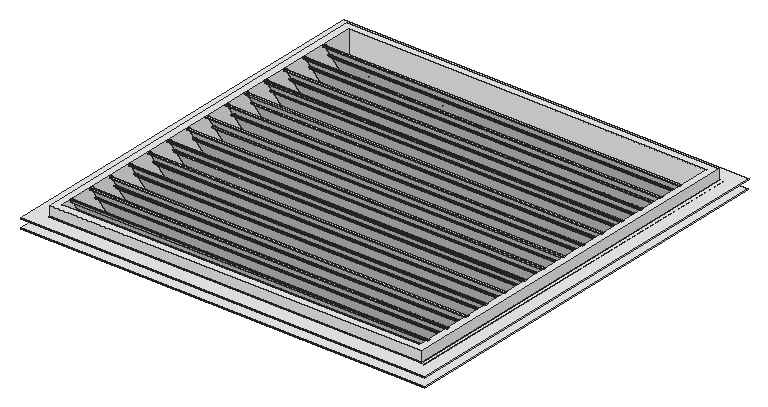
Revit family "NLRS_00_AIR_Muurrooster_ST-483_Storax", category Air Terminals, host Face, Revit 2023 (continued)
Definition of nested family "water channel - SH_renson"
  Forms (mm)
    Sweep 2, solid, material <- "REN_V Material_01"
      profile "PRF_profile - water channel_renson : standard" origin (0, -500, 0) x (0, 1, 0) y (0, 0, 1)
        loop
          line (48.3, -0.2) -> (48.3, 5) -> (24.959, 5) -> (22.254, 12.331)
          arc (22.254, 12.331) -> (20.422, 14.702) -> (17.563, 15.6) r 5
          line (17.563, 15.6) -> (9.25, 15.6)
          arc (9.25, 15.6) -> (8.5, 14.85) -> (9.25, 14.1) r 0.75
          line (9.25, 14.1) -> (17.563, 14.1)
          arc (17.563, 14.1) -> (19.564, 13.471) -> (20.847, 11.812) r 3.5
          line (20.847, 11.812) -> (23.36, 5)
  Dimensions and locks
    equal spacing: plane 5, plane 3 "Center (Left/Right)", plane 6
    "ZZZ_Width_Length": plane 5 to plane 6
    equal spacing: plane 7, plane 1 "Center (Front/Back)", plane 8
    "ZZZ_Height_Length": plane 8 to plane 7
    "RSen_C_depth": plane 4 "top" to level
    plane 9 to plane 7 = 48.5 mm
    plane 9 to plane 10 = 33 mm
    aligned and locked: plane 2 to Extrusion 1
    aligned and locked: level to Extrusion 1
    aligned and locked: plane 6 to Sweep 2 sketch curve
    aligned and locked: plane 5 to Sweep 2 sketch curve
    aligned and locked: plane 8 to Sweep 2 sketch curve
  Automatic sketch dimensions
    Extrusion 1 sketch curve to Extrusion 1 sketch curve = 2438.4 mm  (x2)
Definition of nested family "NLRS_00_GM_Gaas_Storax"
  Parameters (values of type "Leeg")
    Width [instance] = 1011.1 mm
    Offset_Gaas_Top_Sides [instance] = 5.5 mm
    Offset_Gaas_Bottom [instance] = 5.5 mm
    Muis/vogelwerend (6x6mm) = no
    Muis/vogelwerend (10x10mm) = no
    Insectengaas (2,3x2,3mm) = no
    Height [instance] = 1011.1 mm
    Type Comments = ""
    Default Elevation = 1219.2 mm
  Types (4, lengths in mm): name | Width | Offset_Gaas_Top_Sides | Muis/vogelwerend (6x6mm) | Muis/vogelwerend (10x10mm) | Insectengaas (2,3x2,3mm) | Height
    Insectengaas 2.3x2.3mm | 1011.1 | 5.5 | no | no | yes | 1011.1
    Muis/Vogelwerend 10x10mm | 1600 | 5.5 | no | yes | no | 1600
    Muis/vogelwerend 6x6mm | 1800 | 10 | yes | no | no | 1800
    Leeg | 1011.1 | 5.5 | no | no | no | 1011.1
  Reference planes
    plane 1 "Center (Front/Back)": y = 0
    plane 2 "Bottom": z = 0
    plane 3 "Left": x = 0
    plane 4 "Right": x = 1011.1
    plane 5: x = 505.55
    plane 6: z = 23.971
    plane 7: z = 23.971
    plane 8: z = 23.971
    plane 9: x = 5.5
    plane 10: x = 1005.6
    plane 11: z = 1011.1
    plane 12: z = 1005.6
    plane 13: z = 5.5
    plane 14: z = 505.55
  Forms (mm)
    Extrusion 1, solid, visible <- "Insectengaas (2,3x2,3mm)"
      sketch origin (0, 0, 0) x (1, 0, 0) y (0, 1, 0)
        loop
          line (5.5, -28.5) -> (5.5, -29.3) -> (1005.6, -29.3) -> (1005.6, -28.5) -> (5.5, -28.5)
      from 5.5 to 1005.6
    Extrusion 2, solid, visible <- "Muis/vogelwerend (10x10mm)"
      sketch origin (0, 0, 0) x (1, 0, 0) y (0, 1, 0)
        loop
          line (5.5, -28.5) -> (5.5, -29.3) -> (1005.6, -29.3) -> (1005.6, -28.5) -> (5.5, -28.5)
      from 5.5 to 1005.6
    Extrusion 3, solid, visible <- "Muis/vogelwerend (6x6mm)"
      sketch origin (0, 0, 0) x (1, 0, 0) y (0, 1, 0)
        loop
          line (5.5, -28.5) -> (5.5, -29.3) -> (1005.6, -29.3) -> (1005.6, -28.5) -> (5.5, -28.5)
      from 5.5 to 1005.6
  Dimensions and locks
    "Width": plane 4 "Right" to plane 3 "Left"
    equal spacing: plane 3 "Left", plane 5, plane 4 "Right"
    plane 4 "Right" to plane 3 "Left" = 1011.1 mm
    plane 3 "Left" to plane 9 = 5.5 mm
    plane 10 to plane 4 "Right" = 5.5 mm
    "Offset_Gaas_Top_Sides": plane 10 to plane 4 "Right"
    "Offset_Gaas_Top_Sides": plane 9 to plane 3 "Left"
    "Offset_Gaas_Top_Sides": plane 12 to plane 11
    "Offset_Gaas_Bottom": plane 13 to level
    plane 3 "Left" to plane 4 "Right" = 1011.1 mm
    "Height": plane 11 to level
    equal spacing: plane 11, plane 14, level
    aligned and locked: plane 10 to Extrusion 1 sketch curve
    aligned and locked: Extrusion 1 to plane 9
    aligned and locked: Extrusion 1 to plane 10
    aligned and locked: Extrusion 3 to plane 12
    aligned and locked: Extrusion 1 to plane 12
    aligned and locked: Extrusion 2 to plane 12
    aligned and locked: Extrusion 3 to plane 13
    aligned and locked: Extrusion 2 to plane 13
    aligned and locked: Extrusion 1 to plane 13
  Automatic sketch dimensions
    plane 1 "Center (Front/Back)" to Extrusion 1 sketch curve = 29.3 mm
    Extrusion 1 sketch curve to Extrusion 1 sketch curve = 0.8 mm
    plane 9 to Extrusion 1 sketch curve = 0 mm
    Extrusion 2 sketch curve to plane 9 = 0 mm
    Extrusion 2 sketch curve to plane 10 = 0 mm
    plane 1 "Center (Front/Back)" to Extrusion 2 sketch curve = 29.3 mm
    Extrusion 2 sketch curve to Extrusion 2 sketch curve = 0.8 mm
    Extrusion 3 sketch curve to plane 9 = 0 mm
    Extrusion 3 sketch curve to plane 10 = 0 mm
    plane 1 "Center (Front/Back)" to Extrusion 3 sketch curve = 29.3 mm
    Extrusion 3 sketch curve to Extrusion 3 sketch curve = 0.8 mm
  Nested families
    nested 1: "NLRS_00_GM_P-02015" at (600, -23.5, -9.315), type "Type 1", not visible
      with Width 1788.9 mm, Length 500 mm
    nested 2: "NLRS_00_GM_P-02016" at (600, -23.5, -9.315), type "Type 1", not visible
      with Width 1788.9 mm, Length 500 mm
    nested 3: "NLRS_00_GM_P-02016" at (900, -23.5, -9.315), type "Type 1", not visible
      with Width 1800 mm, Length 500 mm
  Definition of nested family "NLRS_00_GM_P-02015"
    Parameters (values of type "Type 1")
      Width [instance] = 900 mm
      Material and Finish = none
      Length [instance] = 500 mm
      Default Elevation = 0 mm
      Connector width = 232.51 mm
    Reference planes
      plane 1 "Center (Front/Back)": y = 0
      plane 2: z = 0
      plane 3 "Center (Left/Right)": x = 0
      plane 4: x = -450
      plane 5: x = 450
    Forms (mm)
      Sweep 1, solid
        path origin (0, 0, 0) x (1, 0, 0) y (0, 1, 0)
          loop
            line (450, 0) -> (-450, 0)
        profile "NLRS_00_PRF_P-02015 : NLRS_00_PRF_P-02015" origin (0, 0, 0) x (0, -1, 0) y (0, 0, 1)
          loop
            arc (-1.872, 30.263) -> (-1.366, 32.09) -> (-1.057, 33.961) r 17.9
            arc (-1.057, 33.961) -> (-0.275, 34.336) -> (0, 35.159) r 1.112
            line (0, 35.159) -> (0, 36.005)
            arc (0, 36.005) -> (-0.329, 36.747) -> (-1.1, 37) r 1
            line (-1.1, 37) -> (-1.1, 35.127) -> (-2.067, 35.127)
            arc (-2.067, 35.127) -> (-2.521, 31.978) -> (-3.561, 28.971) r 16.8
            arc (-3.561, 28.971) -> (-3.358, 28.683) -> (-3.087, 28.909) r 0.24
            arc (-3.087, 28.909) -> (-1.802, 29.095) -> (-1.1, 28.003) r 1.2
            line (-1.1, 28.003) -> (-1.1, 26.263)
            arc (-1.1, 26.263) -> (-1.22, 25.788) -> (-1.551, 25.427) r 1
            line (-1.551, 25.427) -> (-19.949, 13.333)
            arc (-19.949, 13.333) -> (-20.28, 12.972) -> (-20.4, 12.497) r 1
            line (-20.4, 12.497) -> (-20.4, 7.145) -> (-19.15, 7.145) -> (-19.15, 12.584) -> (-16.751, 13.947) -> (-16.751, 11.321)
            arc (-16.751, 11.321) -> (-15.216, 12.545) -> (-14.767, 14.456) r 3
            arc (-14.767, 14.456) -> (-14.629, 15.253) -> (-14.098, 15.862) r 1.5
            line (-14.098, 15.862) -> (-0.946, 24.508)
            arc (-0.946, 24.508) -> (-0.252, 25.266) -> (0, 26.263) r 2.1
            line (0, 26.263) -> (0, 28.003)
            arc (0, 28.003) -> (-0.529, 29.47) -> (-1.872, 30.263) r 2.3
    Dimensions and locks
      equal spacing: plane 5, plane 3 "Center (Left/Right)", plane 4
      "Width": plane 5 to plane 4
      aligned and locked: level to plane 2
      aligned and locked: plane 4 to Sweep 1 sketch curve
      aligned and locked: plane 5 to Sweep 1 sketch curve
    Automatic sketch dimensions
      plane 1 "Center (Front/Back)" to Sweep 1 sketch curve = 0 mm
  Definition of nested family "NLRS_00_GM_P-02016"
    Parameters (values of type "Type 1")
      Width [instance] = 900 mm
      Material and Finish = none
      Length [instance] = 500 mm
      Default Elevation = 0 mm
      Connector width = 232.51 mm
    Reference planes
      plane 1 "Center (Front/Back)": y = 0
      plane 2: z = 0
      plane 3 "Center (Left/Right)": x = 0
      plane 4: x = -450
      plane 5: x = 450
    Forms (mm)
      Sweep 1, solid
        path origin (0, 0, 0) x (1, 0, 0) y (0, 1, 0)
          loop
            line (450, 0) -> (-450, 0)
        profile "NLRS_00_PRF_P-02016 : NLRS_00_PRF_P-02016" origin (0, 0, 0) x (0, -1, 0) y (0, 0, 1)
          loop
            arc (-1.872, 30.263) -> (-1.366, 32.09) -> (-1.057, 33.961) r 17.9
            arc (-1.057, 33.961) -> (-0.275, 34.336) -> (0, 35.159) r 1.112
            line (0, 35.159) -> (0, 36.005)
            arc (0, 36.005) -> (-0.329, 36.747) -> (-1.1, 37) r 1
            line (-1.1, 37) -> (-1.1, 35.127) -> (-2.067, 35.127)
            arc (-2.067, 35.127) -> (-2.474, 32.178) -> (-3.395, 29.348) r 16.8
            arc (-3.395, 29.348) -> (-3.216, 28.913) -> (-2.784, 29.101) r 0.329
            arc (-2.784, 29.101) -> (-1.645, 29.008) -> (-1.1, 28.003) r 1.2
            line (-1.1, 28.003) -> (-1.1, 26.263)
            arc (-1.1, 26.263) -> (-1.22, 25.788) -> (-1.551, 25.427) r 1
            line (-1.551, 25.427) -> (-19.949, 13.333)
            arc (-19.949, 13.333) -> (-20.28, 12.972) -> (-20.4, 12.497) r 1
            line (-20.4, 12.497) -> (-20.4, -0.914) -> (-19.407, -1.488) -> (-19.407, -12.499) -> (-18.802, -11.894) -> (-18.033, -10.244)
            arc (-18.033, -10.244) -> (-17.965, -9.797) -> (-18.15, -9.385) r 0.8
            line (-18.15, -9.385) -> (-18.15, -1.289)
            arc (-18.15, -1.289) -> (-18.443, -0.582) -> (-19.15, -0.289) r 1
            line (-19.15, -0.289) -> (-19.15, 12.584) -> (-16.751, 13.947) -> (-16.751, 11.321)
            arc (-16.751, 11.321) -> (-15.216, 12.545) -> (-14.767, 14.456) r 3
            arc (-14.767, 14.456) -> (-14.629, 15.253) -> (-14.098, 15.862) r 1.5
            line (-14.098, 15.862) -> (-0.946, 24.508)
            arc (-0.946, 24.508) -> (-0.252, 25.266) -> (0, 26.263) r 2.1
            line (0, 26.263) -> (0, 28.003)
            arc (0, 28.003) -> (-0.529, 29.47) -> (-1.872, 30.263) r 2.3
    Dimensions and locks
      equal spacing: plane 5, plane 3 "Center (Left/Right)", plane 4
      "Width": plane 5 to plane 4
      aligned and locked: level to plane 2
      aligned and locked: plane 4 to Sweep 1 sketch curve
      aligned and locked: plane 5 to Sweep 1 sketch curve
    Automatic sketch dimensions
      plane 1 "Center (Front/Back)" to Sweep 1 sketch curve = 0 mm
